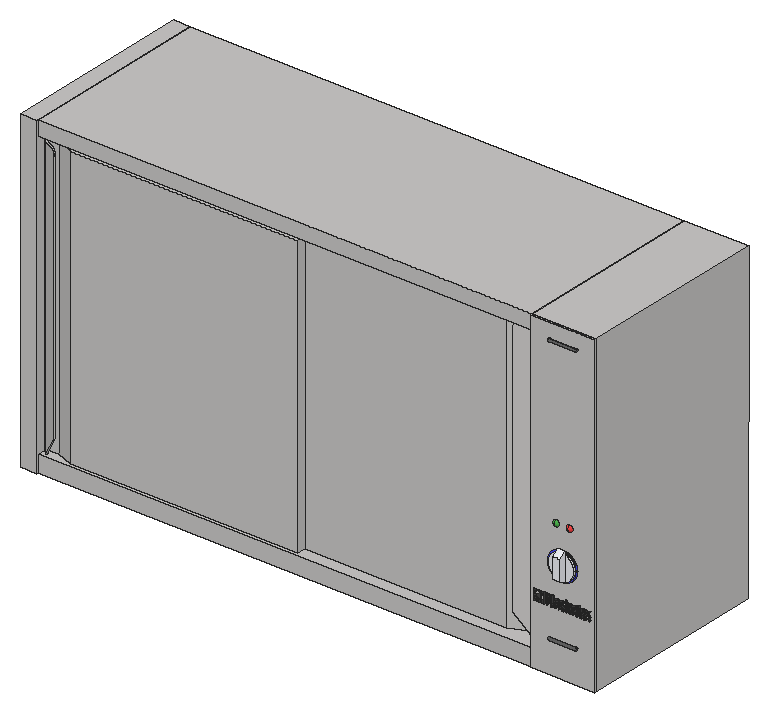
Revit family "QF_ELECTROLUXPROFESSIONAL_121886_TAPCR12", category Attrezzature speciali, Revit 2020
Family settings
  Quota connettore circolare = Usa diametro
  Tipo di parte = Normale
  Basato su piano di lavoro = No
  Sempre verticale = Sì
  Taglio con vuoti quando caricato = No
  Condiviso = No
  Punto di calcolo locali = No
Parameters (values of type "Standard")
  Weight = 57.00 kg
  Watts = 1400 W
  Volts = 230 V
  URL Manufacturer = "https://www.electroluxprofessional.com/"
  URL = "https://www.electroluxprofessional.com/"
  Steam Supply Size = 0 mm
  Steam Supply Minimum Pressure = 0.0 Pa
  Steam Supply Maximum Pressure = 0.0 Pa
  Steam Consumption per Hour = 0
  Refrigeration Suction Line Size = 0.0 mm
  Refrigeration Liquid Line Size = 0.0 mm
  Refrigerant Compressor Remote = yes
  Prospetto di default = 0.0 mm
  Phase = 1
  Modello = "TAPCR12"
  Produttore = "Electrolux Professional"
  Length Actual = 1200.0 mm  # constant formula
  Item Number = "121886"
  Hot Water Size = 0 mm
  Height Actual = 660.0 mm  # constant formula
  HP = "1.9 HP"
  Gas Size = 0 mm
  Gas KW = 0
  Gas Input Pressure = 0 W
  Direct Waste Size = 0 mm
  Descrizione = "HOT WALL CUPBOARD W/SLIDING DOORS 1200MM"
  Depth Actual = 400.0 mm  # constant formula
  Cycle = 50 Hz
  Condensate Return Size = 0 mm
  Compressed Air Volume = 0.0 L/s
  Compressed Air Size = 0 mm
  Compressed Air Pressure = 0.0 Pa
  Cold Water Size = 0 mm
  Accessory = yes
Reference planes
  plane 1 "Center (Front/Back)": y = 0
  plane 2: z = 0
  plane 3 "Center (Left/Right)": x = -250
  plane 4 "LEFT": x = -800
  plane 5 "RIGHT_panel": x = 300
  plane 6 "BACK": y = 200
  plane 7 "FRONT": y = -200
  plane 8 "Base": z = 2260
  plane 9 "BASE": z = 1600
  plane 10: x = -766
  plane 11: x = 266
  plane 12: y = -197
  plane 13: y = 170
  plane 14 "RIGHT": x = 400
  plane 15 "EIy": x = 345
  plane 16 "EIx": y = 169
Forms (mm)
  Extrusion 1, solid, material "QF_Finishes_Stainless Steel"
    sketch origin (0, 0, 1600) x (-1, 0, 0) y (0, -1, 0)
      loop
        line (800, -200) -> (800, 200) -> (766, 200) -> (766, -200) -> (800, -200)
      loop
        line (-266, -200) -> (-266, 197) -> (-400, 197) -> (-400, -200) -> (-266, -200)
    from 0 to 660
  Extrusion 2, solid, material "QF_Finishes_Stainless Steel"
    sketch origin (0, 0, 1600) x (-1, 0, 0) y (0, -1, 0)
      loop
        line (766, -170) -> (766, 197) -> (-266, 197) -> (-266, -170) -> (766, -170)
    from 0 to 35
  Extrusion 3, solid, material "QF_Finishes_Stainless Steel"
    sketch origin (0, 0, 0) x (1, 0, 0) y (0, 1, 0)
      loop
        line (-766, -197) -> (266, -197) -> (266, 200) -> (-766, 200) -> (-766, -197)
    from 2230 to 2260
  Extrusion 4, solid, material "QF_Finishes_Stainless Steel"
    sketch origin (0, 0, 1600) x (-1, 0, 0) y (0, -1, 0)
      loop
        line (766, -200) -> (766, -170) -> (-266, -170) -> (-266, -200) -> (766, -200)
    from 630 to 0
  Extrusion 5, solid, material "QF_Finishes_Stainless Steel"
    sketch origin (0, 0, 0) x (1, 0, 0) y (0, 1, 0)
      loop
        line (-276.5, -177) -> (198, -177) -> (233, -162) -> (263, -162) -> (263, -157) -> (-276.5, -157) -> (-276.5, -177)
    from 1640 to 2225
  Extrusion 6, solid, material "QF_Finishes_Stainless Steel"
    sketch origin (0, 0, 0) x (1, 0, 0) y (0, 1, 0)
      loop
        line (221, -191) -> (249, -176) -> (263, -162) -> (260.172, -162) -> (247.795, -174.377) -> (220.056, -189.237) -> (221, -191)
    from 1640 to 2225
  Extrusion 7, void
    sketch origin (-381.5, -202.5, -15) x (1, 0, 0) y (0, 0, -1)
      loop
        line (597, -1655) -> (597, -1706.75) -> (631.5, -1655) -> (597, -1655)
      loop
        line (601.556, -2240) -> (611.556, -2240)
        arc (611.556, -2240) -> (604.484, -2237.071) -> (601.556, -2230) r 10
        line (601.556, -2230) -> (601.556, -2240)
    from 5.5 to 29.918
  Extrusion 8, solid, material "QF_Finishes_Stainless Steel"
    sketch origin (0, 0, 0) x (1, 0, 0) y (0, 1, 0)
      loop
        line (-223.481, -197) -> (-223.481, -177) -> (-763, -177) -> (-763, -182) -> (-733, -182) -> (-698, -197) -> (-223.481, -197)
    from 1640 to 2225
  Extrusion 9, solid, material "QF_Finishes_Stainless Steel"
    sketch origin (0, 0, 0) x (1, 0, 0) y (0, 1, 0)
      loop
        line (-721, -211) -> (-720.056, -209.237) -> (-747.795, -194.377) -> (-760.172, -182) -> (-763, -182) -> (-749, -196) -> (-721, -211)
    from 1640 to 2225
  Extrusion 10, void
    sketch origin (-218.5, -202.5, -15) x (-1, 0, 0) y (0, 0, 1)
      loop
        line (497, 1655) -> (531.5, 1655) -> (497, 1706.75) -> (497, 1655)
      loop
        line (501.556, 2240) -> (501.556, 2230)
        arc (501.556, 2230) -> (504.484, 2237.071) -> (511.556, 2240) r 10
        line (511.556, 2240) -> (501.556, 2240)
    from -13.118 to 9.689
  Extrusion 11, solid, material "QF_Finishes_Stainless Steel"
    sketch origin (0, 0, 1600) x (-1, 0, 0) y (0, -1, 0)
      loop
        circle (-345, -169) r 10
    from 0 to -5
Cuts and joins
  Extrusion 7 cuts Extrusion 6
  Extrusion 10 cuts Extrusion 9
Lines and regions (mm)
  symbolic lines, style "SpecialityEquipment"
    curve 1: line (400, 200, 2300) -> (-800, 200, 2300)
    curve 2: line (400, -200, 2300) -> (400, 200, 2300)
    curve 3: line (-800, -204.5, 1600) -> (-800, 200, 1600)
    curve 4: line (-800, -200, 1600) -> (-768, -200, 1600)
    curve 5: line (268, -200, 1600) -> (400, -200, 1600)
    curve 7: line (268, -197, 1600) -> (-768, -197, 1600)
    curve 12: line (-747.133, -197, 1600) -> (-720.985, -211.008, 1600)
    curve 13: line (-720.985, -211.008, 1600) -> (-720.038, -209.239, 1600)
    curve 14: line (-742.884, -197, 1600) -> (-720.038, -209.239, 1600)
  symbolic lines, style "SpecialityEquipmentHiddenLines"
    curve 6: line (268, -200, 1600) -> (268, -197, 1600)
    curve 8: line (-768, -197, 1600) -> (-768, -200, 1600)
    curve 9: line (266, -157, 200) -> (-276.5, -157, 200)
    curve 10: line (-276.5, -157, 200) -> (-276.5, -177, 200)
    curve 11: line (199, -177, 200) -> (-763, -177, 200)
    curve 15: line (-223.5, -177, 200) -> (-223.5, -197, 200)
    curve 16: line (198, -177, 1600) -> (233, -162, 1600)
    curve 17: line (233, -162, 1600) -> (263, -162, 1600)
    curve 18: line (263, -162, 1600) -> (263, -157, 1600)
    curve 19: line (220.958, -191.023, 1600) -> (248.999, -176.001, 1600)
    curve 20: line (248.999, -176.001, 1600) -> (263, -162, 1600)
    curve 21: line (260.172, -162, 1600) -> (247.795, -174.377, 1600)
    curve 22: line (247.795, -174.377, 1600) -> (219.992, -189.271, 1600)
    curve 23: line (219.992, -189.271, 1600) -> (220.958, -191.023, 1600)
    curve 24: line (-763, -177, 1600) -> (-763, -182, 1600)
    curve 25: line (-763, -182, 1600) -> (-749, -196, 1600)
    curve 26: line (-749, -196, 1600) -> (-747.133, -197, 1600)
    curve 27: line (-742.884, -197, 1600) -> (-747.955, -194.283, 1600)
    curve 28: line (-747.955, -194.283, 1600) -> (-760.239, -182, 1600)
    curve 29: line (-698, -197, 1600) -> (-733, -182, 1600)
    curve 30: line (-733, -182, 1600) -> (-763, -182, 1600)
  symbolic lines
    curve 31: line (-800, 200, 1600) -> (400, -200, 1600)
    curve 32: line (400, 200, 1600) -> (-800, -200, 1600)
Dimensions and locks
  equal spacing: plane 4 "LEFT", plane 3 "Center (Left/Right)", plane 5 "RIGHT_panel"
  plane 6 "BACK" to plane 7 "FRONT" = 400.0 mm
  equal spacing: plane 6 "BACK", plane 1 "Center (Front/Back)", plane 7 "FRONT"
  plane 9 "BASE" to level = 1600.0 mm
  locked: plane 4 "LEFT" to plane 10 at 34
  locked: plane 11 to plane 5 "RIGHT_panel" at 34
  plane 12 to plane 7 "FRONT" = 3.0 mm
  plane 6 "BACK" to plane 13 = 30.0 mm
  locked: plane 8 "Base" to plane 9 "BASE" at 660
  plane 5 "RIGHT_panel" to plane 14 "RIGHT" = 100.0 mm
  plane 4 "LEFT" to plane 14 "RIGHT" = 1200.0 mm
  locked: plane 15 "EIy" to plane 14 "RIGHT" at 55
  locked: plane 6 "BACK" to plane 16 "EIx" at 31
  aligned and locked: level to plane 2
  aligned and locked: plane 8 "Base" to Extrusion 1
  aligned and locked: plane 6 "BACK" to Extrusion 1 sketch curve
  aligned and locked: Extrusion 1 sketch curve to plane 6 "BACK"
  aligned and locked: Extrusion 1 sketch curve to plane 7 "FRONT"
  aligned and locked: plane 10 to Extrusion 1
  aligned and locked: Extrusion 1 to plane 11
  aligned and locked: Extrusion 2 to plane 10
  aligned and locked: plane 11 to Extrusion 2
  aligned and locked: plane 8 "Base" to Extrusion 3
  aligned and locked: Extrusion 2 to plane 12
  aligned and locked: Extrusion 2 to plane 13
  aligned and locked: Extrusion 3 to plane 12
  aligned and locked: plane 10 to Extrusion 4 sketch curve
  aligned and locked: Extrusion 4 sketch curve to plane 11
  aligned and locked: Extrusion 4 sketch curve to plane 6 "BACK"
  aligned and locked: Extrusion 4 sketch curve to plane 13
  aligned and locked: Extrusion 4 to Extrusion 3
  aligned and locked: Extrusion 4 to plane 9 "BASE"
  aligned and locked: plane 6 "BACK" to Extrusion 3
  aligned and locked: plane 14 "RIGHT" to Extrusion 1
  aligned and locked: plane 11 to Extrusion 3
  aligned and locked: plane 12 to Extrusion 1 sketch curve
  aligned and locked: plane 14 "RIGHT" to nested 1
Automatic sketch dimensions
  plane 5 "RIGHT_panel" to curve 2 = 100.0 mm
  curve 2 to plane 7 "FRONT" = 0.0 mm
  curve 1 to plane 4 "LEFT" = 0.0 mm
  curve 1 to plane 6 "BACK" = 0.0 mm
  plane 5 "RIGHT_panel" to Extrusion 1 sketch curve = 100.0 mm
  Extrusion 1 sketch curve to plane 11 = 0.0 mm
  Extrusion 1 sketch curve to plane 10 = 0.0 mm
  Extrusion 1 sketch curve to plane 4 "LEFT" = 0.0 mm
  Extrusion 2 sketch curve to plane 11 = 0.0 mm
  Extrusion 2 sketch curve to plane 10 = 0.0 mm
  plane 13 to Extrusion 2 sketch curve = 0.0 mm
  Extrusion 2 sketch curve to plane 12 = 0.0 mm
  Extrusion 3 sketch curve to plane 6 "BACK" = 0.0 mm
  Extrusion 3 sketch curve to plane 10 = 0.0 mm
  Extrusion 3 sketch curve to plane 11 = 0.0 mm
  Extrusion 3 sketch curve to plane 12 = 0.0 mm
  Extrusion 7 sketch curve to plane 11 = 50.5 mm
  Extrusion 7 sketch curve to plane 11 = 45.944 mm
  Extrusion 7 sketch curve to Extrusion 7 sketch curve = 10.0 mm
  Extrusion 7 sketch curve to plane 11 = 16.0 mm
  Extrusion 7 sketch curve to plane 8 "Base" = 35.0 mm
  plane 9 "BASE" to Extrusion 7 sketch curve = 91.75 mm
  plane 9 "BASE" to Extrusion 7 sketch curve = 40.0 mm
  plane 10 to Extrusion 10 sketch curve = 50.5 mm
  plane 10 to Extrusion 10 sketch curve = 45.944 mm
  Extrusion 10 sketch curve to Extrusion 10 sketch curve = 10.0 mm
  plane 10 to Extrusion 10 sketch curve = 16.0 mm
  plane 9 "BASE" to Extrusion 10 sketch curve = 40.0 mm
  Extrusion 10 sketch curve to Extrusion 10 sketch curve = 51.75 mm
  Extrusion 10 sketch curve to plane 8 "Base" = 45.0 mm
  Extrusion 5 sketch curve to plane 3 "Center (Left/Right)" = 26.5 mm
  plane 12 to Extrusion 5 sketch curve = 20.0 mm
  Extrusion 5 sketch curve to plane 11 = 68.0 mm
  Extrusion 5 sketch curve to plane 11 = 33.0 mm
  Extrusion 5 sketch curve to plane 11 = 3.0 mm
  plane 12 to Extrusion 5 sketch curve = 35.0 mm
  Extrusion 5 sketch curve to Extrusion 5 sketch curve = 5.0 mm
  plane 12 to Extrusion 6 sketch curve = 7.763 mm
  Extrusion 6 sketch curve to plane 11 = 45.944 mm
  plane 12 to Extrusion 6 sketch curve = 6.0 mm
  Extrusion 6 sketch curve to Extrusion 6 sketch curve = 0.944 mm
  Extrusion 6 sketch curve to plane 11 = 18.205 mm
  Extrusion 6 sketch curve to Extrusion 6 sketch curve = 1.205 mm
  Extrusion 6 sketch curve to plane 11 = 5.828 mm
  Extrusion 6 sketch curve to Extrusion 6 sketch curve = 2.828 mm
  Extrusion 6 sketch curve to Extrusion 6 sketch curve = 12.377 mm
  Extrusion 8 sketch curve to plane 12 = 0.0 mm
  plane 10 to Extrusion 8 sketch curve = 3.0 mm
  plane 12 to Extrusion 8 sketch curve = 15.0 mm
  Extrusion 8 sketch curve to Extrusion 8 sketch curve = 30.0 mm
  Extrusion 8 sketch curve to Extrusion 8 sketch curve = 35.0 mm
  plane 3 "Center (Left/Right)" to Extrusion 8 sketch curve = 26.519 mm
  Extrusion 8 sketch curve to Extrusion 8 sketch curve = 5.0 mm
  plane 10 to Extrusion 9 sketch curve = 3.0 mm
  Extrusion 9 sketch curve to Extrusion 9 sketch curve = 2.828 mm
  plane 12 to Extrusion 9 sketch curve = 1.0 mm
  plane 10 to Extrusion 9 sketch curve = 17.0 mm
  plane 12 to Extrusion 9 sketch curve = 2.623 mm
  Extrusion 9 sketch curve to Extrusion 9 sketch curve = 1.205 mm
  Extrusion 9 sketch curve to plane 7 "FRONT" = 11.0 mm
  Extrusion 9 sketch curve to Extrusion 9 sketch curve = 26.795 mm
  plane 12 to Extrusion 9 sketch curve = 15.0 mm
  curve 9 to plane 11 = 0.0 mm
  curve 15 to plane 12 = 0.0 mm
  curve 10 to plane 3 "Center (Left/Right)" = 26.5 mm
  plane 12 to curve 10 = 40.0 mm
  plane 12 to curve 11 = 20.0 mm
  curve 11 to plane 11 = 67.0 mm
  plane 3 "Center (Left/Right)" to curve 15 = 26.5 mm
  plane 10 to curve 11 = 3.0 mm
  curve 31 to plane 7 "FRONT" = 0.0 mm
  curve 31 to plane 14 "RIGHT" = 0.0 mm
  curve 32 to plane 6 "BACK" = 0.0 mm
  curve 32 to plane 14 "RIGHT" = 0.0 mm
  curve 6 to plane 12 = 0.0 mm
  curve 4 to plane 7 "FRONT" = 0.0 mm
  curve 31 to plane 4 "LEFT" = 0.0 mm
  curve 3 to plane 6 "BACK" = 0.0 mm
  plane 11 to curve 5 = 2.0 mm
  curve 18 to plane 11 = 3.0 mm
  curve 19 to plane 11 = 17.001 mm
  curve 19 to curve 21 = 1.204 mm
  curve 21 to curve 17 = 14.795 mm
  plane 12 to curve 23 = 5.977 mm
  curve 16 to curve 23 = 12.042 mm
  plane 12 to curve 23 = 7.729 mm
  curve 19 to curve 23 = 0.966 mm
  curve 14 to plane 7 "FRONT" = 9.239 mm
  plane 10 to curve 14 = 45.962 mm
  curve 12 to plane 7 "FRONT" = 11.008 mm
  curve 13 to curve 12 = 0.948 mm
  plane 12 to curve 29 = 15.0 mm
  curve 29 to curve 14 = 9.884 mm
  plane 12 to curve 27 = 2.717 mm
  curve 12 to curve 27 = 0.822 mm
  plane 12 to curve 25 = 1.0 mm
  curve 27 to curve 25 = 1.045 mm
  plane 10 to curve 30 = 3.0 mm
  curve 4 to plane 10 = 2.0 mm
  plane 12 to curve 20 = 35.0 mm
  curve 21 to curve 22 = 12.377 mm
  curve 21 to curve 20 = 1.624 mm
  curve 17 to curve 21 = 2.828 mm
  plane 12 to curve 16 = 20.0 mm
  curve 22 to curve 16 = 21.992 mm
  curve 29 to curve 13 = 22.038 mm
  curve 27 to curve 14 = 0.0 mm
  curve 26 to curve 12 = 0.0 mm
  curve 28 to curve 24 = 2.761 mm
  curve 18 to curve 17 = 5.0 mm
  curve 24 to curve 24 = 5.0 mm
  curve 4 to curve 3 = 4.5 mm
  Extrusion 11 sketch curve to plane 15 "EIy" = 0.0 mm
  Extrusion 11 sketch curve to plane 16 "EIx" = 0.0 mm
  radius of Extrusion 11 sketch curve = 10.0 mm
Nested families
  nested 1: "PANEL_ELX_HOTCUP_134_H660" at (296.958, -197, 1600) x (1, 0, 0) z (0, -1, 0), type "PANEL_ELX_HOTCUP_134_H660"
    with Width 134.0 mm, Show Clearance yes
Connectors
  electrical at (345, 169, 1595), driven by "Volts"
    settings: on Extrusion 11, index 1, voltage 230 V, apparent load 0 VA, apparent load phase1 0 VA, apparent load phase2 0 VA, apparent load phase3 0 VA, power factor 1, load classification "Other", number of poles 1, system type 30, power factor state 1, is connector primary yes, connector utility no, sub classification motor no, connector description "Electrical Connection"
Definition of nested family "PANEL_ELX_HOTCUP_134_H660"
  Parameters
    Width [instance] = 134.0 mm
    Show Clearance [instance] = yes
    Model = "727995"
    Height = 660.0 mm
    Default Elevation = 0.0 mm
  Reference planes
    plane 1 "Center (Front/Back)": y = 0
    plane 2: z = 0
    plane 3 "Center (Left/Right)": x = 36.042
    plane 4 "panel": z = 3
    plane 5 "Left": x = -30.958
    plane 6 "Right": x = 103.042
    plane 7: y = 660
    plane 8: y = 288.268
  Forms (mm)
    Extrusion 1, solid
      sketch origin (0, -919.2, 0) x (1, 0, 0) y (0, 1, 0)
        loop
          line (-980.5, 2119.2) -> (-980.5, -162.846) -> (881.94, -162.846) -> (881.94, 2119.2) -> (-980.5, 2119.2)
      from 0 to -59.546
    Extrusion 2, solid
      sketch origin (36.042, -190, 0) x (0, 1, 0) y (0, 0, 1)
        loop
          line (190, 3) -> (190, 0) -> (850, 0) -> (850, 3) -> (190, 3)
      from 67 to -67
    Extrusion 3, solid
      sketch origin (0, 0, 0) x (1, 0, 0) y (0, 1, 0)
        loop
          line (9.042, 623.5) -> (63.042, 623.5)
          arc (63.042, 623.5) -> (66.042, 626.5) -> (63.042, 629.5) r 3
          line (63.042, 629.5) -> (9.042, 629.5)
          arc (9.042, 629.5) -> (6.042, 626.5) -> (9.042, 623.5) r 3
        loop
          line (9.042, 65) -> (63.042, 65)
          arc (63.042, 65) -> (66.042, 68) -> (63.042, 71) r 3
          line (63.042, 71) -> (9.042, 71)
          arc (9.042, 71) -> (6.042, 68) -> (9.042, 65) r 3
      from 3 to 4.6
    Extrusion 4, solid
      sketch origin (-3.98, -286.732, 0) x (1, 0, 0) y (0, 1, 0)
        loop
          circle (40.042, 500) r 30
      from 0 to 5
    Extrusion 5, solid
      sketch origin (-3.98, -286.732, 0) x (1, 0, 0) y (0, 1, 0)
        loop
          circle (40.042, 500) r 26.788
      from 7 to 5
    Blend 6, solid
      base sketch origin (-3.98, -286.732, 0) x (1, 0, 0) y (0, 1, 0)
        loop
          arc (48.106, 530.45) -> (40.022, 531.5) -> (31.94, 530.44) r 31.5
          line (31.94, 530.44) -> (31.94, 474.458)
          arc (31.94, 474.458) -> (40.023, 473.209) -> (48.106, 474.454) r 26.815
          line (48.106, 474.454) -> (48.106, 530.45)
      top sketch origin (-3.98, -286.732, 0) x (1, 0, 0) y (0, 1, 0)
        loop
          arc (47.007, 520.889) -> (40.042, 522.019) -> (33.077, 520.889) r 22.019
          line (33.077, 520.889) -> (33.077, 480.699)
          arc (33.077, 480.699) -> (40.042, 479.481) -> (47.007, 480.699) r 20.519
          line (47.007, 480.699) -> (47.007, 520.889)
      from 7 to 20
    Revolve 7, solid
      sketch origin (22.042, 0, 0) x (0, 1, 0) y (0, 0, 1)
        loop
          line (288.268, 3) -> (294.268, 3)
          arc (294.268, 3) -> (291.873, 5.908) -> (288.268, 7) r 6.5
          line (288.268, 7) -> (288.268, 3)
        axis (288.268, 7) -> (288.268, 3)
      angle from 0 to 360
    Revolve 8, solid
      sketch origin (50.042, 0, 0) x (0, 1, 0) y (0, 0, 1)
        loop
          line (288.268, 3) -> (294.268, 3)
          arc (294.268, 3) -> (291.873, 5.908) -> (288.268, 7) r 6.5
          line (288.268, 7) -> (288.268, 3)
        axis (288.268, 7) -> (288.268, 3)
      angle from 0 to 360
  Dimensions and locks
    plane 4 "panel" to level = 3.0 mm
    "Height": plane 1 "Center (Front/Back)" to plane 7
    locked: plane 5 "Left" to plane 6 "Right" at 134
    equal spacing: plane 5 "Left", plane 3 "Center (Left/Right)", plane 6 "Right", locked at 67 each
    aligned and locked: plane 2 to Extrusion 1
    aligned and locked: level to Extrusion 1
    aligned and locked: plane 7 to Extrusion 2
    aligned and locked: plane 6 "Right" to Extrusion 2
    aligned and locked: Extrusion 2 to plane 5 "Left"
    aligned and locked: plane 1 "Center (Front/Back)" to Extrusion 2
  Automatic sketch dimensions
    Extrusion 1 sketch curve to Extrusion 1 sketch curve = 1862.44 mm
    Extrusion 1 sketch curve to Extrusion 1 sketch curve = 2282.046 mm
    Extrusion 2 sketch curve to plane 1 "Center (Front/Back)" = 0.0 mm
    Extrusion 2 sketch curve to level = 0.0 mm
    Extrusion 2 sketch curve to plane 7 = 0.0 mm
    Extrusion 2 sketch curve to plane 4 "panel" = 0.0 mm
    Extrusion 3 sketch curve to plane 1 "Center (Front/Back)" = 65.0 mm
    Extrusion 3 sketch curve to Extrusion 3 sketch curve = 3.0 mm  (x2)
    Extrusion 3 sketch curve to plane 7 = 36.5 mm
    plane 3 "Center (Left/Right)" to Extrusion 4 sketch curve = 0.02 mm
    Extrusion 4 sketch curve to plane 8 = 75.0 mm
    plane 3 "Center (Left/Right)" to Extrusion 5 sketch curve = 0.02 mm
    Extrusion 5 sketch curve to plane 8 = 75.0 mm
    Blend 6 sketch curve to plane 3 "Center (Left/Right)" = 8.082 mm
    plane 3 "Center (Left/Right)" to Blend 6 sketch curve = 0.007 mm
    Blend 6 sketch curve to Blend 6 sketch curve = 0.012 mm
    Blend 6 sketch curve to plane 8 = 100.546 mm
    Blend 6 sketch curve to Blend 6 sketch curve = 0.004 mm
    Blend 6 sketch curve to Blend 6 sketch curve = 0.024 mm
    Blend 6 sketch curve to Blend 6 sketch curve = 30.416 mm
    Blend 6 sketch curve to Blend 6 sketch curve = 0.0 mm  (x2)
    Blend 6 sketch curve to plane 3 "Center (Left/Right)" = 6.946 mm
    plane 3 "Center (Left/Right)" to Blend 6 sketch curve = 0.02 mm
    Blend 6 sketch curve to plane 8 = 94.301 mm
    Blend 6 sketch curve to Blend 6 sketch curve = 19.301 mm
    Blend 6 sketch curve to Blend 6 sketch curve = 20.889 mm
    Revolve 7 sketch curve to plane 4 "panel" = 0.0 mm
    Revolve 7 sketch curve to plane 8 = 0.0 mm  (x2)
    plane 8 to Revolve 7 sketch curve = 6.0 mm
    level to Revolve 7 sketch curve = 0.5 mm
    Revolve 7 sketch curve to Revolve 7 sketch curve = 0.57 mm
    Revolve 7 sketch curve to Revolve 7 sketch curve = 2.941 mm
    Revolve 8 sketch curve to plane 4 "panel" = 0.0 mm
    Revolve 8 sketch curve to plane 8 = 0.0 mm  (x2)
    plane 8 to Revolve 8 sketch curve = 6.0 mm
    level to Revolve 8 sketch curve = 0.5 mm
    Revolve 8 sketch curve to Revolve 8 sketch curve = 0.57 mm
    Revolve 8 sketch curve to Revolve 8 sketch curve = 2.941 mm
    plane 3 "Center (Left/Right)" to Extrusion 3 sketch curve = 27.0 mm  (x2)
    plane 3 "Center (Left/Right)" to Blend 6 sketch curve = 8.083 mm
    plane 3 "Center (Left/Right)" to Blend 6 sketch curve = 6.985 mm
    Extrusion 3 sketch curve to plane 3 "Center (Left/Right)" = 27.0 mm  (x2)
    radius of Extrusion 4 sketch curve = 30.0 mm
    radius of Extrusion 5 sketch curve = 26.788 mm
  Nested families
    nested 1: "ELX_Professional_Logo_Small" at (36.042, 140.514, 3), type "ELX_Professional_Logo_Small"
      with Show Logo yes, Material_Logo none
  Definition of nested family "ELX_Professional_Logo_Small"
    Parameters
      Show Logo [instance] = yes
      Material_Logo [instance] = none
      Default Elevation = 0.0 mm
    Reference planes
      plane 1 "Centro (Fronte/Retro)": y = 0
      plane 2: z = 0
      plane 3 "Centro (Sinistra/Destra)": x = 0
    Forms (mm)
      Extrusion 1, solid
        sketch origin (0, 0, 0) x (1, 0, 0) y (0, 1, 0)
          loop
            line (-1219.2, 1219.2) -> (-1219.2, -1219.2) -> (1219.2, -1219.2) -> (1219.2, 1219.2) -> (-1219.2, 1219.2)
        from 0 to -304.8
      Extrusion 2, solid, material <- "Material_Logo"
        sketch origin (15.5, 0, 0) x (1, 0, 0) y (0, 1, 0)
          loop
            spline (-42.99, -1.24) -> (-43.195, -1.231) -> (-43.415, -1.203) -> (-43.642, -1.152) -> (-43.87, -1.074) -> (-44.095, -0.966) -> (-44.309, -0.825) -> (-44.506, -0.647) -> (-44.681, -0.429) -> (-44.828, -0.167) -> (-44.94, 0.142) -> (-45.011, 0.501) -> (-45.037, 0.915)
            line (-45.037, 0.915) -> (-45.037, 2.748) -> (-38.984, 2.748) -> (-38.984, 5.086) -> (-45.038, 5.086) -> (-45.038, 8.489) -> (-38.599, 8.489) -> (-38.599, 10.82) -> (-47.515, 10.82) -> (-47.515, 1.021)
            spline (-47.515, 1.021) -> (-47.493, 0.418) -> (-47.425, -0.15) -> (-47.311, -0.682) -> (-47.15, -1.175) -> (-46.939, -1.628) -> (-46.678, -2.038) -> (-46.365, -2.404) -> (-46, -2.723) -> (-45.58, -2.995) -> (-45.105, -3.216) -> (-44.573, -3.385) -> (-43.983, -3.499)
            line (-43.983, -3.499) -> (-43.01, -3.569) -> (-38.426, -3.569) -> (-38.426, -1.24) -> (-42.99, -1.24)
          loop
            line (-36.666, 4.021) -> (-36.666, -3.573) -> (-34.188, -3.573) -> (-34.188, 10.824) -> (-36.666, 10.824) -> (-36.666, 4.021)
          loop
            spline (-21.915, 1.897) -> (-21.957, 2.615) -> (-22.082, 3.303) -> (-22.285, 3.955) -> (-22.563, 4.564) -> (-22.913, 5.124) -> (-23.331, 5.629) -> (-23.814, 6.074) -> (-24.359, 6.451) -> (-24.961, 6.755) -> (-25.618, 6.98) -> (-26.326, 7.119) -> (-27.081, 7.167)
            spline (-27.081, 7.167) -> (-27.853, 7.122) -> (-28.586, 6.99) -> (-29.275, 6.774) -> (-29.915, 6.478) -> (-30.5, 6.104) -> (-31.024, 5.657) -> (-31.483, 5.138) -> (-31.871, 4.553) -> (-32.182, 3.904) -> (-32.411, 3.194) -> (-32.552, 2.427) -> (-32.6, 1.606)
            spline (-32.6, 1.606) -> (-32.553, 0.805) -> (-32.416, 0.057) -> (-32.193, -0.637) -> (-31.887, -1.271) -> (-31.504, -1.843) -> (-31.048, -2.35) -> (-30.523, -2.788) -> (-29.934, -3.154) -> (-29.284, -3.444) -> (-28.579, -3.656) -> (-27.822, -3.785) -> (-27.019, -3.829)
            spline (-27.019, -3.829) -> (-26.627, -3.82) -> (-26.239, -3.79) -> (-25.856, -3.739) -> (-25.477, -3.663) -> (-25.103, -3.562) -> (-24.734, -3.432) -> (-24.369, -3.273) -> (-24.01, -3.082) -> (-23.655, -2.858) -> (-23.305, -2.597) -> (-22.96, -2.299) -> (-22.621, -1.962)
            line (-22.621, -1.962) -> (-24.114, -0.509)
            spline (-24.114, -0.509) -> (-24.311, -0.699) -> (-24.509, -0.872) -> (-24.71, -1.03) -> (-24.915, -1.172) -> (-25.126, -1.297) -> (-25.346, -1.407) -> (-25.576, -1.5) -> (-25.817, -1.576) -> (-26.072, -1.636) -> (-26.342, -1.678) -> (-26.629, -1.704) -> (-26.936, -1.713)
            spline (-26.936, -1.713) -> (-27.384, -1.691) -> (-27.805, -1.625) -> (-28.196, -1.518) -> (-28.556, -1.372) -> (-28.882, -1.187) -> (-29.174, -0.966) -> (-29.429, -0.71) -> (-29.645, -0.422) -> (-29.821, -0.102) -> (-29.955, 0.247) -> (-30.045, 0.623) -> (-30.089, 1.026)
            line (-30.089, 1.026) -> (-21.956, 1.026) -> (-21.915, 1.897)
          loop
            spline (-24.446, 2.769) -> (-24.47, 3.075) -> (-24.54, 3.37) -> (-24.654, 3.65) -> (-24.807, 3.913) -> (-24.996, 4.156) -> (-25.219, 4.376) -> (-25.472, 4.57) -> (-25.753, 4.736) -> (-26.057, 4.869) -> (-26.382, 4.968) -> (-26.724, 5.03) -> (-27.081, 5.051)
            spline (-27.081, 5.051) -> (-27.464, 5.03) -> (-27.832, 4.97) -> (-28.183, 4.872) -> (-28.513, 4.74) -> (-28.819, 4.577) -> (-29.099, 4.384) -> (-29.347, 4.165) -> (-29.563, 3.923) -> (-29.742, 3.659) -> (-29.881, 3.377) -> (-29.977, 3.079) -> (-30.027, 2.769)
            line (-30.027, 2.769) -> (-24.446, 2.769)
          loop
            spline (-18.167, 1.669) -> (-18.138, 2.13) -> (-18.055, 2.567) -> (-17.921, 2.978) -> (-17.739, 3.358) -> (-17.512, 3.705) -> (-17.243, 4.016) -> (-16.937, 4.287) -> (-16.596, 4.517) -> (-16.223, 4.7) -> (-15.823, 4.835) -> (-15.398, 4.919) -> (-14.951, 4.947)
            spline (-14.951, 4.947) -> (-14.677, 4.938) -> (-14.414, 4.913) -> (-14.162, 4.871) -> (-13.921, 4.812) -> (-13.69, 4.738) -> (-13.467, 4.649) -> (-13.254, 4.544) -> (-13.048, 4.424) -> (-12.85, 4.291) -> (-12.659, 4.143) -> (-12.474, 3.981) -> (-12.295, 3.806)
            line (-12.295, 3.806) -> (-10.76, 5.403)
            spline (-10.76, 5.403) -> (-11.065, 5.709) -> (-11.38, 5.984) -> (-11.703, 6.228) -> (-12.035, 6.443) -> (-12.375, 6.63) -> (-12.723, 6.788) -> (-13.078, 6.92) -> (-13.44, 7.026) -> (-13.809, 7.107) -> (-14.184, 7.164) -> (-14.564, 7.198) -> (-14.951, 7.209)
            spline (-14.951, 7.209) -> (-15.725, 7.161) -> (-16.467, 7.02) -> (-17.169, 6.792) -> (-17.826, 6.482) -> (-18.43, 6.096) -> (-18.976, 5.637) -> (-19.455, 5.112) -> (-19.862, 4.525) -> (-20.19, 3.882) -> (-20.433, 3.189) -> (-20.584, 2.449) -> (-20.635, 1.669)
            spline (-20.635, 1.669) -> (-20.584, 0.889) -> (-20.433, 0.149) -> (-20.19, -0.545) -> (-19.862, -1.187) -> (-19.455, -1.774) -> (-18.976, -2.299) -> (-18.43, -2.758) -> (-17.826, -3.145) -> (-17.169, -3.454) -> (-16.467, -3.682) -> (-15.725, -3.823) -> (-14.951, -3.871)
            spline (-14.951, -3.871) -> (-14.564, -3.86) -> (-14.184, -3.826) -> (-13.809, -3.77) -> (-13.44, -3.689) -> (-13.078, -3.583) -> (-12.723, -3.451) -> (-12.375, -3.292) -> (-12.035, -3.105) -> (-11.703, -2.89) -> (-11.38, -2.646) -> (-11.065, -2.371) -> (-10.76, -2.066)
            line (-10.76, -2.066) -> (-12.295, -0.468)
            spline (-12.295, -0.468) -> (-12.474, -0.643) -> (-12.659, -0.805) -> (-12.85, -0.953) -> (-13.048, -1.087) -> (-13.254, -1.206) -> (-13.467, -1.311) -> (-13.69, -1.4) -> (-13.921, -1.475) -> (-14.162, -1.533) -> (-14.414, -1.575) -> (-14.677, -1.6) -> (-14.951, -1.609)
            spline (-14.951, -1.609) -> (-15.398, -1.581) -> (-15.823, -1.497) -> (-16.223, -1.362) -> (-16.596, -1.179) -> (-16.937, -0.95) -> (-17.243, -0.678) -> (-17.512, -0.367) -> (-17.739, -0.02) -> (-17.921, 0.36) -> (-18.055, 0.771) -> (-18.138, 1.208) -> (-18.167, 1.669)
          loop
            spline (-4.441, -1.243) -> (-4.659, -1.247) -> (-4.894, -1.23) -> (-5.137, -1.19) -> (-5.384, -1.121) -> (-5.628, -1.021) -> (-5.864, -0.884) -> (-6.084, -0.708) -> (-6.283, -0.488) -> (-6.454, -0.219) -> (-6.592, 0.101) -> (-6.69, 0.478) -> (-6.742, 0.914)
            line (-6.742, 0.914) -> (-6.742, 4.587) -> (-4.487, 4.587) -> (-4.487, 6.838) -> (-6.738, 6.838) -> (-6.738, 10.824) -> (-9.217, 10.824) -> (-9.217, 0.773)
            spline (-9.217, 0.773) -> (-9.164, 0.19) -> (-9.068, -0.358) -> (-8.928, -0.87) -> (-8.742, -1.343) -> (-8.511, -1.777) -> (-8.232, -2.168) -> (-7.904, -2.515) -> (-7.527, -2.816) -> (-7.098, -3.069) -> (-6.618, -3.273) -> (-6.084, -3.426) -> (-5.496, -3.525)
            line (-5.496, -3.525) -> (-4.45, -3.573) -> (-4.441, -1.243)
          loop
            spline (3.898, 6.983) -> (3.469, 7.009) -> (3.056, 7.001) -> (2.661, 6.961) -> (2.283, 6.888) -> (1.925, 6.785) -> (1.588, 6.652) -> (1.272, 6.49) -> (0.979, 6.301) -> (0.71, 6.085) -> (0.465, 5.844) -> (0.247, 5.578) -> (0.056, 5.289)
            line (0.056, 5.289) -> (0.056, 6.838) -> (-2.402, 6.838) -> (-2.402, -3.572) -> (0.056, -3.572) -> (0.056, 1.901)
            spline (0.056, 1.901) -> (0.079, 2.316) -> (0.145, 2.703) -> (0.254, 3.06) -> (0.404, 3.386) -> (0.592, 3.679) -> (0.818, 3.938) -> (1.08, 4.162) -> (1.375, 4.348) -> (1.703, 4.495) -> (2.062, 4.602) -> (2.45, 4.668) -> (2.865, 4.69)
            line (2.865, 4.69) -> (3.898, 4.586) -> (3.898, 6.983)
          loop
            spline (15.638, 1.633) -> (15.586, 2.396) -> (15.435, 3.124) -> (15.192, 3.81) -> (14.863, 4.449) -> (14.455, 5.034) -> (13.975, 5.56) -> (13.43, 6.021) -> (12.826, 6.411) -> (12.17, 6.724) -> (11.469, 6.955) -> (10.729, 7.098) -> (9.958, 7.147)
            spline (9.958, 7.147) -> (9.182, 7.098) -> (8.44, 6.955) -> (7.737, 6.724) -> (7.081, 6.411) -> (6.477, 6.021) -> (5.933, 5.56) -> (5.454, 5.034) -> (5.048, 4.449) -> (4.721, 3.81) -> (4.479, 3.124) -> (4.329, 2.396) -> (4.277, 1.633)
            spline (4.277, 1.633) -> (4.329, 0.869) -> (4.479, 0.141) -> (4.721, -0.544) -> (5.048, -1.183) -> (5.454, -1.768) -> (5.933, -2.294) -> (6.477, -2.755) -> (7.081, -3.145) -> (7.737, -3.459) -> (8.44, -3.69) -> (9.182, -3.833) -> (9.958, -3.882)
            spline (9.958, -3.882) -> (10.729, -3.833) -> (11.469, -3.69) -> (12.17, -3.459) -> (12.826, -3.145) -> (13.43, -2.755) -> (13.975, -2.294) -> (14.455, -1.768) -> (14.863, -1.183) -> (15.192, -0.544) -> (15.435, 0.141) -> (15.586, 0.869) -> (15.638, 1.633)
          loop
            spline (13.18, 1.633) -> (13.151, 2.083) -> (13.067, 2.513) -> (12.932, 2.918) -> (12.748, 3.296) -> (12.52, 3.642) -> (12.251, 3.954) -> (11.943, 4.227) -> (11.601, 4.459) -> (11.228, 4.645) -> (10.828, 4.782) -> (10.403, 4.867) -> (9.958, 4.896)
            spline (9.958, 4.896) -> (9.509, 4.867) -> (9.081, 4.782) -> (8.679, 4.645) -> (8.306, 4.459) -> (7.964, 4.227) -> (7.658, 3.954) -> (7.39, 3.642) -> (7.163, 3.296) -> (6.981, 2.918) -> (6.847, 2.513) -> (6.765, 2.083) -> (6.736, 1.633)
            spline (6.736, 1.633) -> (6.765, 1.182) -> (6.847, 0.753) -> (6.981, 0.347) -> (7.163, -0.031) -> (7.39, -0.377) -> (7.658, -0.689) -> (7.964, -0.962) -> (8.306, -1.193) -> (8.679, -1.38) -> (9.081, -1.517) -> (9.509, -1.602) -> (9.958, -1.631)
            spline (9.958, -1.631) -> (10.403, -1.602) -> (10.828, -1.517) -> (11.228, -1.38) -> (11.601, -1.193) -> (11.943, -0.962) -> (12.251, -0.689) -> (12.52, -0.377) -> (12.748, -0.031) -> (12.932, 0.347) -> (13.067, 0.753) -> (13.151, 1.182) -> (13.18, 1.633)
          loop
            line (17.162, 4.269) -> (17.162, -3.573) -> (19.642, -3.573) -> (19.642, 10.824) -> (17.162, 10.824) -> (17.162, 4.269)
          loop
            line (28.581, 6.838) -> (28.581, 0.786)
            spline (28.581, 0.786) -> (28.561, 0.393) -> (28.503, 0.038) -> (28.409, -0.279) -> (28.281, -0.559) -> (28.122, -0.802) -> (27.933, -1.011) -> (27.717, -1.185) -> (27.476, -1.325) -> (27.213, -1.433) -> (26.929, -1.509) -> (26.626, -1.554) -> (26.308, -1.569)
            spline (26.308, -1.569) -> (25.99, -1.554) -> (25.688, -1.509) -> (25.404, -1.434) -> (25.141, -1.326) -> (24.9, -1.187) -> (24.684, -1.014) -> (24.496, -0.807) -> (24.336, -0.565) -> (24.209, -0.288) -> (24.115, 0.026) -> (24.057, 0.376) -> (24.037, 0.765)
            line (24.037, 0.765) -> (24.037, 6.838) -> (21.537, 6.838) -> (21.537, 0.558)
            spline (21.537, 0.558) -> (21.581, -0.153) -> (21.71, -0.8) -> (21.916, -1.384) -> (22.195, -1.904) -> (22.54, -2.362) -> (22.944, -2.757) -> (23.403, -3.09) -> (23.909, -3.362) -> (24.456, -3.572) -> (25.04, -3.722) -> (25.652, -3.811) -> (26.288, -3.841)
            spline (26.288, -3.841) -> (26.929, -3.811) -> (27.547, -3.72) -> (28.135, -3.568) -> (28.687, -3.355) -> (29.197, -3.079) -> (29.66, -2.741) -> (30.068, -2.341) -> (30.415, -1.877) -> (30.696, -1.349) -> (30.905, -0.757) -> (31.034, -0.101) -> (31.079, 0.621)
            line (31.079, 0.621) -> (31.079, 6.838) -> (28.581, 6.838)
          loop
            line (40.457, -0.243) -> (38.894, 1.942) -> (40.83, 4.579) -> (42.488, 6.837) -> (39.782, 6.837) -> (37.53, 3.719) -> (35.258, 6.837) -> (32.573, 6.837) -> (34.113, 4.731) -> (36.167, 1.922) -> (34.014, -1.076) -> (32.222, -3.573) -> (34.887, -3.573) -> (37.53, 0.104) -> (40.174, -3.573) -> (42.839, -3.573) -> (40.457, -0.243)
          loop
            line (-46.121, -5.837) -> (-48.039, -5.837) -> (-48.039, -10.814) -> (-47.016, -10.814) -> (-47.016, -9.128) -> (-46.121, -9.128)
            arc (-46.121, -9.128) -> (-44.476, -7.482) -> (-46.121, -5.837) r 1.645
          loop
            line (-46.163, -6.778) -> (-47.016, -6.778) -> (-47.016, -8.187) -> (-46.163, -8.187)
            arc (-46.163, -8.187) -> (-45.458, -7.482) -> (-46.163, -6.778) r 0.704
          loop
            line (-38.313, -5.837) -> (-40.265, -5.837) -> (-40.265, -10.814) -> (-39.241, -10.814) -> (-39.241, -9.1) -> (-38.46, -9.182) -> (-37.48, -10.814) -> (-36.318, -10.814) -> (-37.513, -8.848)
            arc (-37.513, -8.848) -> (-36.888, -8.266) -> (-36.671, -7.441) r 1.536
            arc (-36.671, -7.441) -> (-37.165, -6.305) -> (-38.313, -5.837) r 1.643
          loop
            arc (-38.402, -8.166) -> (-37.707, -7.505) -> (-38.334, -6.778) r 0.696
            line (-38.334, -6.778) -> (-39.241, -6.778) -> (-39.241, -8.166) -> (-38.402, -8.166)
          loop
            circle (-29.965, -8.325) r 2.585
          loop
            circle (-29.965, -8.325) r 1.64
          loop
            line (-23.1, -5.837) -> (-23.1, -10.814) -> (-22.076, -10.814) -> (-22.076, -8.768) -> (-20.204, -8.768) -> (-20.204, -7.828) -> (-22.076, -7.828) -> (-22.076, -6.778) -> (-20.024, -6.778) -> (-20.024, -5.837) -> (-23.1, -5.837)
          loop
            line (-15.802, -5.837) -> (-15.802, -9.2)
            arc (-15.802, -9.2) -> (-15.343, -10.34) -> (-14.209, -10.814) r 1.593
            line (-14.209, -10.814) -> (-12.602, -10.814) -> (-12.602, -10.027) -> (-14.004, -10.027)
            arc (-14.004, -10.027) -> (-14.552, -9.8) -> (-14.779, -9.252) r 0.775
            line (-14.779, -9.252) -> (-14.779, -8.424) -> (-12.789, -8.424) -> (-12.789, -7.642) -> (-14.779, -7.642) -> (-14.779, -6.778) -> (-12.651, -6.778) -> (-12.651, -5.837) -> (-15.802, -5.837)
          loop
            line (-5.909, -7.143) -> (-5.173, -6.638)
            arc (-5.173, -6.638) -> (-5.855, -5.974) -> (-6.781, -5.755) r 1.782
            arc (-6.781, -5.755) -> (-7.397, -5.878) -> (-7.944, -6.189) r 1.974
            arc (-7.944, -6.189) -> (-8.202, -6.5) -> (-8.317, -6.888) r 1.013
            arc (-8.317, -6.888) -> (-8.306, -7.341) -> (-8.192, -7.78) r 1.985
            arc (-8.192, -7.78) -> (-7.749, -8.259) -> (-7.171, -8.563) r 1.928
            arc (-7.171, -8.563) -> (-6.637, -8.779) -> (-6.131, -9.056) r 5.041
            arc (-6.131, -9.056) -> (-5.934, -9.387) -> (-6.09, -9.74) r 0.42
            arc (-6.09, -9.74) -> (-6.631, -9.96) -> (-7.204, -9.845) r 1.016
            arc (-7.204, -9.845) -> (-7.625, -9.603) -> (-7.889, -9.196) r 1.033
            line (-7.889, -9.196) -> (-8.67, -9.686)
            arc (-8.67, -9.686) -> (-8.361, -10.198) -> (-7.908, -10.589) r 1.914
            arc (-7.908, -10.589) -> (-7.334, -10.834) -> (-6.714, -10.896) r 2.063
            arc (-6.714, -10.896) -> (-5.947, -10.743) -> (-5.256, -10.376) r 2.696
            arc (-5.256, -10.376) -> (-4.95, -9.565) -> (-5.108, -8.712) r 1.618
            arc (-5.108, -8.712) -> (-5.448, -8.319) -> (-5.884, -8.035) r 1.876
            arc (-5.884, -8.035) -> (-6.434, -7.789) -> (-6.999, -7.577) r 9.883
            arc (-6.999, -7.577) -> (-7.325, -7.07) -> (-6.854, -6.694) r 0.45
            arc (-6.854, -6.694) -> (-6.329, -6.809) -> (-5.909, -7.143) r 1.197
          loop
            line (1.61, -7.143) -> (2.345, -6.638)
            arc (2.345, -6.638) -> (1.663, -5.974) -> (0.737, -5.755) r 1.782
            arc (0.737, -5.755) -> (0.121, -5.878) -> (-0.425, -6.189) r 1.974
            arc (-0.425, -6.189) -> (-0.683, -6.5) -> (-0.799, -6.888) r 1.013
            arc (-0.799, -6.888) -> (-0.788, -7.341) -> (-0.674, -7.78) r 1.985
            arc (-0.674, -7.78) -> (-0.231, -8.259) -> (0.347, -8.563) r 1.928
            arc (0.347, -8.563) -> (0.881, -8.779) -> (1.387, -9.056) r 5.041
            arc (1.387, -9.056) -> (1.584, -9.387) -> (1.428, -9.74) r 0.42
            arc (1.428, -9.74) -> (0.887, -9.96) -> (0.314, -9.845) r 1.016
            arc (0.314, -9.845) -> (-0.107, -9.603) -> (-0.371, -9.196) r 1.033
            line (-0.371, -9.196) -> (-1.152, -9.686)
            arc (-1.152, -9.686) -> (-0.842, -10.198) -> (-0.39, -10.589) r 1.914
            arc (-0.39, -10.589) -> (0.184, -10.834) -> (0.804, -10.896) r 2.063
            arc (0.804, -10.896) -> (1.572, -10.743) -> (2.263, -10.376) r 2.696
            arc (2.263, -10.376) -> (2.568, -9.565) -> (2.411, -8.712) r 1.618
            arc (2.411, -8.712) -> (2.07, -8.319) -> (1.635, -8.035) r 1.876
            arc (1.635, -8.035) -> (1.084, -7.789) -> (0.519, -7.577) r 9.883
            arc (0.519, -7.577) -> (0.193, -7.07) -> (0.665, -6.694) r 0.45
            arc (0.665, -6.694) -> (1.189, -6.809) -> (1.61, -7.143) r 1.197
          loop
            line (6.801, -5.837) -> (6.801, -10.814) -> (7.825, -10.814) -> (7.825, -5.837) -> (6.801, -5.837)
          loop
            circle (14.724, -8.325) r 1.548
          loop
            circle (14.724, -8.325) r 2.585
          loop
            line (21.59, -10.814) -> (22.623, -10.814) -> (22.623, -7.685) -> (24.9, -10.814) -> (25.895, -10.814) -> (25.895, -5.837) -> (24.861, -5.837) -> (24.861, -9.061) -> (22.585, -5.837) -> (21.59, -5.837) -> (21.59, -10.814)
          loop
            line (31.054, -10.814) -> (31.539, -9.74) -> (33.38, -9.74) -> (33.865, -10.814) -> (34.965, -10.814) -> (32.46, -5.837) -> (29.956, -10.814) -> (31.054, -10.814)
          loop
            line (32.46, -7.698) -> (31.999, -8.719) -> (32.921, -8.719) -> (32.46, -7.698)
          loop
            line (40.047, -9.873) -> (40.047, -5.837) -> (39.024, -5.837) -> (39.024, -10.814) -> (41.961, -10.814) -> (41.961, -9.873) -> (40.047, -9.873)
          loop
            line (-74.986, -10.814) -> (-53.322, -10.814) -> (-53.322, 10.82) -> (-74.986, 10.82) -> (-74.986, -10.814)
          loop
            line (-61.261, 9.758) -> (-61.261, -9.707)
            arc (-61.261, -9.707) -> (-54.066, 0.025) -> (-61.261, 9.758) r 10.18
          loop
            line (-62.251, 8.349) -> (-62.251, 9.758)
            arc (-62.251, 9.758) -> (-70.347, 7.918) -> (-74.247, 0.59) r 9.976
            line (-74.247, 0.59) -> (-71.026, 0.59)
            arc (-71.026, 0.59) -> (-65.274, 2.925) -> (-62.251, 8.349) r 9.351
          loop
            arc (-74.247, -0.539) -> (-70.353, -7.928) -> (-62.251, -9.957) r 10.237
            line (-62.251, -9.957) -> (-62.251, -8.298)
            arc (-62.251, -8.298) -> (-65.274, -2.874) -> (-71.026, -0.539) r 9.351
            line (-71.026, -0.539) -> (-74.247, -0.539)
        from 0 to 1.644
    Dimensions and locks
      aligned and locked: plane 2 to Extrusion 1
      aligned and locked: level to Extrusion 1
